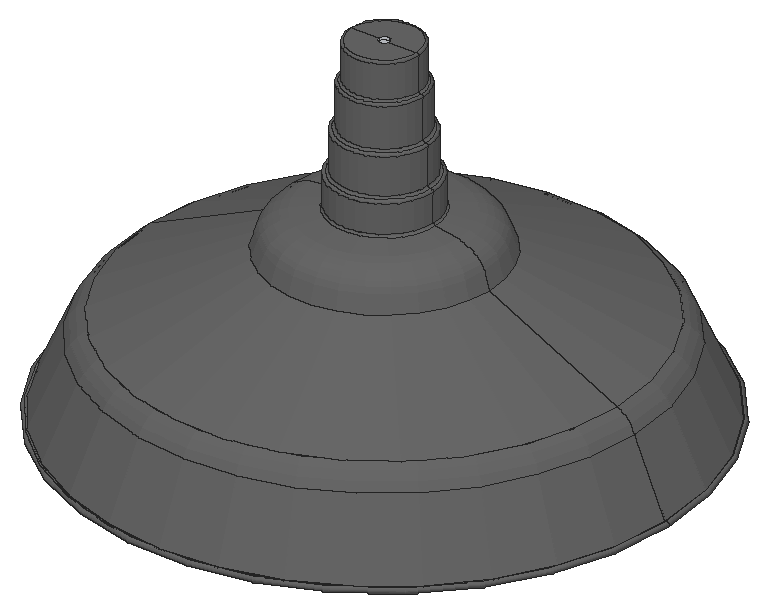
Revit family "W527 SHADE", category Lighting Fixtures, Revit 2024
Family settings
  Round Connector Dimension = Use Diameter
  Part Type = Normal
  OmniClass Number = 23.80.70.00
  OmniClass Title = Lighting
  Work Plane-Based = No
  Always vertical = Yes
  Cut with Voids When Loaded = No
  Light Source = Yes
  Maintain Annotation Orientation = No
  Shared = No
  Room Calculation Point = No
Parameters
  Wattage = 12.1178 W
  built-in parameter 1150110 = 1 (stored number, unit not read)
  built-in parameter 1114217 = 1 (stored number, unit not read)
  built-in parameter 1150109 = 1 (stored number, unit not read)
  built-in parameter 1150134 = (empty or 0)
  built-in parameter 1150113 = 1 (stored number, unit not read)
  Lumens = 1800 lm
  built-in parameter 1150115 = 1 (stored number, unit not read)
  built-in parameter 1150105 = 572.96 (stored number, unit not read)
  Light Source Symbol Size = 2' - 0"
  built-in parameter 1150137 = (empty or 0)
  built-in parameter 1150139 = (empty or 0)
  built-in parameter 1150112 = 1 (stored number, unit not read)
  built-in parameter 1150114 = 1 (stored number, unit not read)
  built-in parameter 1150132 = 2
  built-in parameter 1150102 = (empty or 0)
  built-in parameter 1150138 = (empty or 0)
  built-in parameter 1150107 = 3000 (stored number, unit not read)
  built-in parameter 1150106 = 5.7296 (stored number, unit not read)
  built-in parameter 1150104 = 13.8 (stored number, unit not read)
  Dimming Lamp Color Temperature Shift = (empty or 0)
  Default Elevation = 0' - 0"
  Color Filter = 16777215
  built-in parameter 1114218 = 1 (stored number, unit not read)
  built-in parameter 1150133 = 10 (stored number, unit not read)
Reference planes (in)
  plane 1 "Light Source Axis (F/B)": y = 0
  plane 2: z = 0
  plane 3 "Light Source Axis (L/R)": x = 0
  plane 4 "Light Source Elevation": z = 84
Forms (in)
  Revolve 1, solid
    sketch origin (0, 0, 0) x (1, 0, 0) y (0, 0, 1)
      loop
        line (-13.25222, 84.14847) -> (-11.8134, 87.38013)
        arc (-11.8134, 87.38013) -> (-11.49501, 87.87313) -> (-11.04173, 88.24592) r 1.90625
        arc (-11.04173, 88.24592) -> (-8.06255, 89.80704) -> (-4.93977, 91.05639) r 32.95751
        spline (-4.93977, 91.05639) -> (-4.80134, 91.50114) -> (-4.69106, 91.79941) -> (-4.59279, 91.99834) -> (-4.48565, 92.14324) -> (-4.34559, 92.27712) -> (-4.18057, 92.40231) -> (-4.01481, 92.5041) -> (-3.83861, 92.5842) -> (-3.60979, 92.65788) -> (-3.29434, 92.73506) -> (-2.89261, 92.80588) -> (-2.41906, 92.85008)
        arc (-2.41906, 92.85008) -> (-2.28095, 92.91212) -> (-2.22842, 93.05412) r 0.19571
        line (-2.22842, 93.05412) -> (-2.22842, 94.35928)
        arc (-2.22842, 94.35928) -> (-2.04805, 94.3867) -> (-1.97842, 94.55534) r 0.18548
        line (-1.97842, 94.55534) -> (-1.97842, 96.21231)
        arc (-1.97842, 96.21231) -> (-1.80701, 96.24041) -> (-1.72842, 96.39532) r 0.19199
        line (-1.72842, 96.39532) -> (-1.72842, 98.20635)
        arc (-1.72842, 98.20635) -> (-1.5874, 98.26081) -> (-1.52842, 98.4) r 0.19375
        line (-1.52842, 98.4) -> (-1.52842, 99.90625) -> (-0.25, 99.90625) -> (-0.25, 100) -> (-1.52217, 100)
        arc (-1.52217, 100) -> (-1.59288, 99.97071) -> (-1.62217, 99.9) r 0.1
        line (-1.62217, 99.9) -> (-1.62217, 98.4)
        arc (-1.62217, 98.4) -> (-1.65146, 98.32929) -> (-1.72217, 98.3) r 0.1
        arc (-1.72217, 98.3) -> (-1.79288, 98.27071) -> (-1.82217, 98.2) r 0.1
        line (-1.82217, 98.2) -> (-1.82217, 96.39532)
        arc (-1.82217, 96.39532) -> (-1.85993, 96.31791) -> (-1.94418, 96.3) r 0.09824
        arc (-1.94418, 96.3) -> (-2.03256, 96.28121) -> (-2.07217, 96.2) r 0.10306
        line (-2.07217, 96.2) -> (-2.07217, 94.54858)
        arc (-2.07217, 94.54858) -> (-2.10233, 94.46342) -> (-2.19085, 94.44541) r 0.09173
        arc (-2.19085, 94.44541) -> (-2.28082, 94.43116) -> (-2.32217, 94.35) r 0.10032
        line (-2.32217, 94.35) -> (-2.32217, 93.05178)
        arc (-2.32217, 93.05178) -> (-2.34252, 92.98437) -> (-2.40172, 92.94622) r 0.10196
        spline (-2.40172, 92.94622) -> (-2.88243, 92.90747) -> (-3.29078, 92.84053) -> (-3.6125, 92.76562) -> (-3.85019, 92.69217) -> (-4.03765, 92.60969) -> (-4.2115, 92.50574) -> (-4.38397, 92.37792) -> (-4.5343, 92.23732) -> (-4.65276, 92.08088) -> (-4.75833, 91.87302) -> (-4.87299, 91.57232) -> (-5.01549, 91.12954)
        arc (-5.01549, 91.12954) -> (-8.12355, 89.88215) -> (-11.08943, 88.32663) r 33.05126
        arc (-11.08943, 88.32663) -> (-11.56499, 87.93551) -> (-11.89904, 87.41826) r 2
        line (-11.89904, 87.41826) -> (-13.30964, 84.25) -> (-13.375, 84.25)
        arc (-13.375, 84.25) -> (-13.45466, 84.02867) -> (-13.25222, 84.14847) r 0.125
      axis (0, 84.14847) -> (0, 100)
    angle from 0 to 360
Dimensions and locks (in)
  aligned and locked: plane 3 "Light Source Axis (L/R)" to imposter light
  aligned and locked: plane 1 "Light Source Axis (F/B)" to imposter light
  aligned and locked: plane 4 "Light Source Elevation" to imposter light
  aligned and locked: level to plane 2
